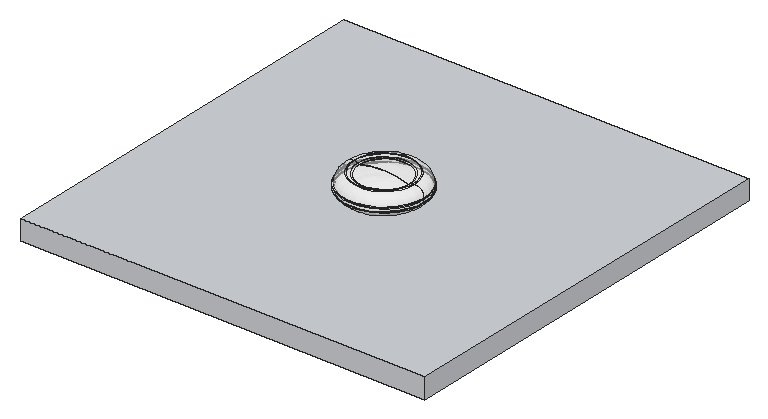
Revit family "Zumtobel AMPHIBIA Round", category Lighting Fixtures, host Face, Revit 2016
Family settings
  Host = Face
  Part Type = Normal
  Round Connector Dimension = Use Diameter
  OmniClass Number = 23.80.70.11
  OmniClass Title = Luminaries for Internal Lighting
  Cut with Voids When Loaded = No
  Light Source = Yes
  Shared = No
  Room Calculation Point = No
Parameters (values of type "AMP RL 5600-840 LDO V2A")
  Width = Length  # 690 mm
  Wattage Comments = ""
  Wattage = 38.9789 W
  built-in parameter 1150110 = 1 (stored number, unit not read)
  Voltage = 230 V
  URL = "http://www.zumtobel.com/42186504"
  Type Comments = "© Zumtobel. We reserve the right to make technical changes without prior notice."  # constant formula
  built-in parameter 1114217 = 1 (stored number, unit not read)
  Tilt Angle = -90.00°
  built-in parameter 1150109 = 1 (stored number, unit not read)
  built-in parameter 1150134 = 12
  built-in parameter 1150113 = 1 (stored number, unit not read)
  RS = yes
  RL = no
  Photometric Web File = "42186504_(STD_LEO).IES"
  Model = "42186504"
  Manufacturer = "Zumtobel Lighting"  # constant formula
  built-in parameter 1150105 = 460.75 (stored number, unit not read)
  Lumens = 5790 lm
  built-in parameter 1150115 = 1 (stored number, unit not read)
  built-in parameter 1150137 = (empty or 0)
  built-in parameter 1150139 = (empty or 0)
  Length = 690 mm
  built-in parameter 1150112 = 1 (stored number, unit not read)
  built-in parameter 1150114 = 1 (stored number, unit not read)
  Lamp = "LED"  # constant formula
  built-in parameter 1150132 = 2
  built-in parameter 1150102 = (empty or 0)
  built-in parameter 1150107 = 4000 (stored number, unit not read)
  built-in parameter 1150138 = (empty or 0)
  built-in parameter 1150106 = 4.6075 (stored number, unit not read)
  Height = 146 mm
  Emit from Circle Diameter = 524 mm
  Emit Shape Visible in Rendering = no
  built-in parameter 1150104 = 13.8 (stored number, unit not read)
  Dimming Lamp Color Temperature Shift = <None>
  Description = "Moisture-proof diffuser luminaire"  # constant formula
  Default Elevation = 0 mm
  Cover = ZG_PMMA_Semitransparent_SI
  Color Filter = 16777215
  Body = ZG_PMMA_Semitransparent
  built-in parameter 1114218 = 1 (stored number, unit not read)
  built-in parameter 1150133 = 10 (stored number, unit not read)
  Assembly Code = "D5020210"
  Apparent Load = 47 VA
Types (2, lengths in mm): name | Width | Wattage | URL | Photometric Web File | Model | built-in parameter 1150105 | Lumens | Length | built-in parameter 1150106 | Height | Emit from Circle Diameter | Apparent Load
  AMP RS 3000-840 LDO KST | 395 | 21.0715 W | "http://www.zumtobel.com/42186498" | "42186498_(STD_LEO).IES" | "42186498" | 803.16 (stored number, unit not read) | 3130 lm | 395 | 8.0316 (stored number, unit not read) | 124 | 246.8 | 24 VA
  AMP RL 5600-840 LDO V2A | 690 | 38.9789 W | "http://www.zumtobel.com/42186504" | "42186504_(STD_LEO).IES" | "42186504" | 460.75 (stored number, unit not read) | 5790 lm | 690 | 4.6075 (stored number, unit not read) | 146 | 524 | 47 VA
Reference planes
  plane 1 "Center (Front/Back)": y = 0
  plane 2 "Top": z = 0
  plane 3 "Center (Left/Right)": x = -735.5
  plane 4: z = 146
Forms (mm)
  Extrusion 1, solid
    sketch origin (123, 0, 0) x (1, 0, 0) y (0, 1, 0)
      loop
        line (-1858.5, 1000) -> (-1858.5, -1000) -> (141.5, -1000) -> (141.5, 1000) -> (-1858.5, 1000)
    from 0 to -100
  Revolve 2, solid, material "ZG_PMMA_Semitransparent" <- "Body", visible <- "RL", detail levels medium+fine
    sketch origin (0, 0, 0) x (1, 0, 0) y (0, 0, 1)
      loop
        line (-735.5, 0) -> (-735.5, 146)
        arc (-735.5, 146) -> (-868.622, 135.371) -> (-998.371, 103.755) r 838.99
        line (-998.371, 103.755) -> (-1007.836, 110.239)
        arc (-1007.836, 110.239) -> (-1015.916, 114.146) -> (-1024.79, 115.488) r 30
        line (-1024.79, 115.488) -> (-1029.572, 115.488)
        arc (-1029.572, 115.488) -> (-1061.893, 102.192) -> (-1075.5, 70) r 45.93
        line (-1075.5, 70) -> (-1080.5, 70) -> (-1080.5, 65) -> (-1075.5, 65) -> (-1075.5, 50) -> (-1080.5, 50) -> (-1080.5, 45) -> (-1075.5, 45) -> (-1070.5, 45)
        arc (-1070.5, 45) -> (-1061.269, 26.425) -> (-1043.395, 15.898) r 36.432
        line (-1043.395, 15.898) -> (-1030.22, 15.898) -> (-1014.322, 0) -> (-735.5, 0)
      axis (-735.5, 146) -> (-735.5, 0)
    angle from 0 to 360
  Extrusion 3, solid, material "ZG_PMMA_Semitransparent" <- "Body", visible <- "RL", detail levels medium+fine
    sketch origin (5, 0, 0) x (1, 0, 0) y (0, 0, 1)
      loop
        arc (-1080.5, 70) -> (-1080.408, 72.504) -> (-1080.179, 75) r 45.93
        line (-1080.179, 75) -> (-1090.5, 75)
        arc (-1090.5, 75) -> (-1094.036, 73.536) -> (-1095.5, 70) r 5
        line (-1095.5, 70) -> (-1095.5, 45)
        arc (-1095.5, 45) -> (-1094.036, 41.464) -> (-1090.5, 40) r 5
        line (-1090.5, 40) -> (-1074.259, 40)
        arc (-1074.259, 40) -> (-1074.968, 42.478) -> (-1075.5, 45) r 36.432
        line (-1075.5, 45) -> (-1085.5, 45) -> (-1085.5, 50) -> (-1080.5, 50) -> (-1080.5, 65) -> (-1085.5, 65) -> (-1085.5, 70) -> (-1080.5, 70)
    from -15 to 15
  Revolve 4, solid, material "ZG_PMMA_Semitransparent" <- "Body", visible <- "RS", detail levels medium+fine
    sketch origin (0, 0, 0) x (1, 0, 0) y (0, 0, 1)
      loop
        line (-858.854, 105.798) -> (-865.336, 110.239)
        arc (-865.336, 110.239) -> (-873.416, 114.146) -> (-882.29, 115.488) r 30
        line (-882.29, 115.488) -> (-887.072, 115.488)
        arc (-887.072, 115.488) -> (-919.393, 102.192) -> (-933, 70) r 45.93
        line (-933, 70) -> (-938, 70) -> (-938, 65) -> (-933, 65) -> (-933, 50) -> (-938, 50) -> (-938, 45) -> (-933, 45) -> (-928, 45)
        arc (-928, 45) -> (-918.769, 26.425) -> (-900.895, 15.898) r 36.432
        line (-900.895, 15.898) -> (-887.72, 15.898) -> (-871.822, 0) -> (-735.5, 0) -> (-735.5, 124)
        arc (-735.5, 124) -> (-797.845, 119.425) -> (-858.854, 105.798) r 427.085
      axis (-735.5, 124) -> (-735.5, 0)
    angle from 0 to 360
  Extrusion 5, solid, material "ZG_PMMA_Semitransparent" <- "Body", visible <- "RS", detail levels medium+fine
    sketch origin (0, 0, 0) x (1, 0, 0) y (0, 0, 1)
      loop
        arc (-933, 70) -> (-932.908, 72.504) -> (-932.679, 75) r 45.93
        line (-932.679, 75) -> (-943, 75)
        arc (-943, 75) -> (-946.536, 73.536) -> (-948, 70) r 5
        line (-948, 70) -> (-948, 45)
        arc (-948, 45) -> (-946.536, 41.464) -> (-943, 40) r 5
        line (-943, 40) -> (-926.759, 40)
        arc (-926.759, 40) -> (-927.468, 42.478) -> (-928, 45) r 36.432
        line (-928, 45) -> (-938, 45) -> (-938, 50) -> (-933, 50) -> (-933, 65) -> (-938, 65) -> (-938, 70) -> (-933, 70)
    from -15 to 15
  Extrusion 6, solid, material "ZG_PMMA_Semitransparent" <- "Body", visible <- "RS", detail levels medium+fine
    sketch origin (0, 0, 0) x (1, 0, 0) y (0, 1, 0)
      loop
        circle (-735.5, 0) r 197.5
    from 45 to 50
  Extrusion 7, solid, material "ZG_PMMA_Semitransparent" <- "Body", visible <- "RL", detail levels medium+fine
    sketch origin (0, 0, 0) x (1, 0, 0) y (0, 1, 0)
      loop
        circle (-735.5, 0) r 345
    from 45 to 50
Lines and regions (mm)
  symbolic lines, style "Zumtobel Lighting", detail levels coarse
    curve 1: circle (-735.5, 0, 0) r 345 normal (0, 0, 1)
    curve 2: line (-979.452, 243.952, 0) -> (-735.5, 0, 0)
    curve 3: line (-735.5, 0, 0) -> (-979.452, -243.952, 0)
    curve 4: line (-491.548, 243.952, 0) -> (-735.5, 0, 0)
    curve 5: line (-735.5, 0, 0) -> (-491.548, -243.952, 0)
Dimensions and locks
  "Length": diameter of curve 1
  locked: curve 2 to plane 1 "Center (Front/Back)" (angle 45.00°)
  locked: plane 1 "Center (Front/Back)" to curve 3 (angle 45.00°)
  locked: curve 5 to plane 1 "Center (Front/Back)" (angle 45.00°)
  locked: plane 1 "Center (Front/Back)" to curve 4 (angle 45.00°)
  aligned and locked: plane 2 "Top" to Extrusion 1
  aligned and locked: level to Extrusion 1
  aligned and locked: imposter light to plane 1 "Center (Front/Back)"
  aligned and locked: imposter light to plane 3 "Center (Left/Right)"
  aligned and locked: plane 4 to imposter light
Automatic sketch dimensions
  Extrusion 1 sketch curve to Extrusion 1 sketch curve = 2000 mm  (x2)
  Revolve 2 sketch curve to level = 0 mm
  Revolve 2 sketch curve to plane 4 = 0 mm
  level to Revolve 2 sketch curve = 70 mm
  plane 3 "Center (Left/Right)" to Revolve 2 sketch curve = 345 mm
  Revolve 2 sketch curve to Revolve 2 sketch curve = 0 mm  (x2)
  Revolve 2 sketch curve to Revolve 2 sketch curve = 5 mm  (x6)
  level to Revolve 2 sketch curve = 15.898 mm
  Revolve 2 sketch curve to Revolve 2 sketch curve = 27.105 mm
  Revolve 2 sketch curve to Revolve 2 sketch curve = 35.891 mm
  Revolve 2 sketch curve to Revolve 2 sketch curve = 13.175 mm
  Revolve 2 sketch curve to Revolve 2 sketch curve = 5.037 mm
  Revolve 2 sketch curve to Revolve 2 sketch curve = 4.782 mm
  Revolve 2 sketch curve to Revolve 2 sketch curve = 15.898 mm
  Revolve 2 sketch curve to plane 4 = 35.761 mm
  Revolve 2 sketch curve to Revolve 2 sketch curve = 16.954 mm
  Revolve 2 sketch curve to plane 4 = 42.245 mm
  Revolve 2 sketch curve to Revolve 2 sketch curve = 9.465 mm
  Revolve 2 sketch curve to Revolve 2 sketch curve = 278.822 mm
  Revolve 2 sketch curve to Revolve 2 sketch curve = 25 mm
  Revolve 2 sketch curve to Revolve 2 sketch curve = 18.303 mm
  Revolve 2 sketch curve to Revolve 2 sketch curve = 146.801 mm
  Revolve 2 sketch curve to Revolve 2 sketch curve = 66.801 mm
  level to Extrusion 3 sketch curve = 45 mm
  plane 3 "Center (Left/Right)" to Extrusion 3 sketch curve = 355 mm
  Extrusion 3 sketch curve to Extrusion 3 sketch curve = 5 mm  (x10)
  Extrusion 3 sketch curve to Extrusion 3 sketch curve = 0.321 mm
  Extrusion 3 sketch curve to Extrusion 3 sketch curve = 1.241 mm
  Extrusion 3 sketch curve to Extrusion 3 sketch curve = 35.891 mm
  Extrusion 3 sketch curve to Extrusion 3 sketch curve = 5.037 mm
  Extrusion 3 sketch curve to Extrusion 3 sketch curve = 15 mm
  Extrusion 3 sketch curve to Extrusion 3 sketch curve = 18.303 mm
  Revolve 4 sketch curve to level = 0 mm
  plane 3 "Center (Left/Right)" to Revolve 4 sketch curve = 0 mm  (x2)
  Revolve 4 sketch curve to plane 4 = 40.202 mm
  plane 3 "Center (Left/Right)" to Revolve 4 sketch curve = 123.354 mm
  Revolve 4 sketch curve to plane 4 = 35.761 mm
  Revolve 4 sketch curve to Revolve 4 sketch curve = 6.482 mm
  Revolve 4 sketch curve to Revolve 4 sketch curve = 12.968 mm
  Revolve 4 sketch curve to Revolve 4 sketch curve = 16.954 mm
  Revolve 4 sketch curve to Revolve 4 sketch curve = 4.782 mm
  level to Revolve 4 sketch curve = 15.898 mm
  Revolve 4 sketch curve to Revolve 4 sketch curve = 15.898 mm
  Revolve 4 sketch curve to Revolve 4 sketch curve = 5.037 mm
  Revolve 4 sketch curve to Revolve 4 sketch curve = 13.175 mm
  Revolve 4 sketch curve to Revolve 4 sketch curve = 35.891 mm
  Revolve 4 sketch curve to Revolve 4 sketch curve = 5 mm  (x5)
  Revolve 4 sketch curve to Revolve 4 sketch curve = 0 mm  (x2)
  Revolve 4 sketch curve to level = 303.085 mm
  level to Revolve 4 sketch curve = 45 mm
  Revolve 4 sketch curve to Revolve 4 sketch curve = 15 mm
  Revolve 4 sketch curve to Revolve 4 sketch curve = 18.303 mm
  Revolve 4 sketch curve to level = 66.801 mm
  Revolve 4 sketch curve to Revolve 4 sketch curve = 80 mm
  level to Extrusion 5 sketch curve = 45 mm
  plane 3 "Center (Left/Right)" to Extrusion 5 sketch curve = 212.5 mm
  Extrusion 5 sketch curve to Extrusion 5 sketch curve = 5 mm  (x10)
  Extrusion 5 sketch curve to Extrusion 5 sketch curve = 0.321 mm
  Extrusion 5 sketch curve to Extrusion 5 sketch curve = 1.241 mm
  Extrusion 5 sketch curve to Extrusion 5 sketch curve = 34.65 mm
  Extrusion 5 sketch curve to Extrusion 5 sketch curve = 5.037 mm
  Extrusion 5 sketch curve to Extrusion 5 sketch curve = 15 mm
  Extrusion 5 sketch curve to Extrusion 5 sketch curve = 18.303 mm
  plane 1 "Center (Front/Back)" to Extrusion 6 sketch curve = 0 mm
  Extrusion 6 sketch curve to plane 3 "Center (Left/Right)" = 0 mm
  plane 1 "Center (Front/Back)" to Extrusion 7 sketch curve = 0 mm
  Extrusion 7 sketch curve to plane 3 "Center (Left/Right)" = 0 mm
  plane 1 "Center (Front/Back)" to curve 2 = 0 mm
  curve 2 to plane 3 "Center (Left/Right)" = 0 mm
  plane 1 "Center (Front/Back)" to curve 1 = 0 mm
  curve 1 to plane 3 "Center (Left/Right)" = 0 mm
  radius of Extrusion 6 sketch curve = 197.5 mm
  radius of Extrusion 7 sketch curve = 345 mm
Connectors
  electrical at (-735.5, 0, 0), driven by "Apparent Load", driven by "Voltage", driven by "Apparent Load"
    settings: index 1, voltage 230 V, apparent load 47 VA, apparent load phase1 47 VA, apparent load phase2 0 VA, apparent load phase3 0 VA, power factor 1, load classification "Lighting", number of poles 1, system type 30, power factor state 1, is connector primary yes, connector utility no, sub classification motor no, connector description "Power"
